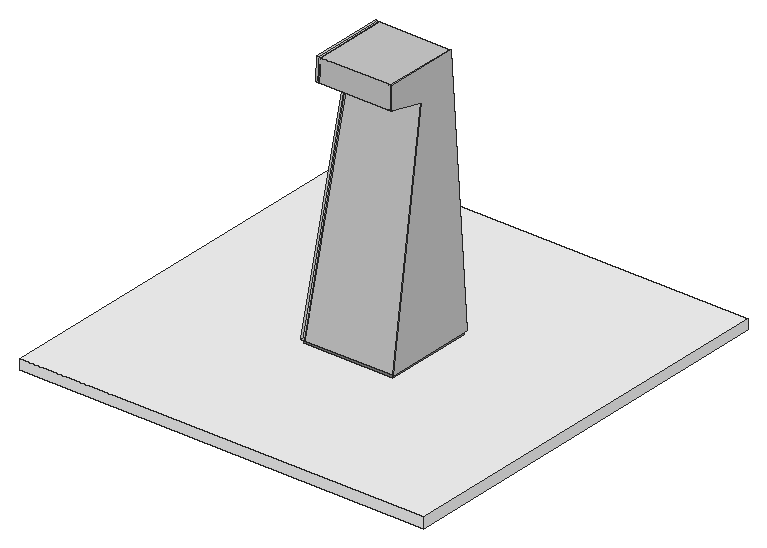
Revit family "BE_77277_de_DE", category Leuchten, Revit 2015
Parameters (values of type "BEGA_77277_Silber_K3")
  built-in parameter 1150104 = 9.8802 (stored number, unit not read)
  Wattage = 6.3 W
  Default Elevation = 0 mm
  built-in parameter 1150113 = 1 (stored number, unit not read)
  built-in parameter 1114218 = 1 (stored number, unit not read)
  Umgebungstemperatur = "25 °C"
  URL = "http://www.bega.de/produkt/77277"
  Typenkommentare = "© 2015 BEGA. Wir behalten uns das Recht vor, technische Änderungen ohne vorherige Ankündigung vorzunehmen."  # constant formula
  Type Image = 77277.png
  built-in parameter 1150134 = (empty or 0)
  built-in parameter 1150109 = 1 (stored number, unit not read)
  Strom = ""
  built-in parameter 1150110 = 1 (stored number, unit not read)
  Spannung = 0 V
  Sonderanfertigung = no
  Seriennummer [instance] = "Hier können Sie die eindeutige Seriennummer für das Facility Management eintragen."
  Schutzklasse = "I"
  Schutzart = "IP 65"
  Scheinlast = 0 VA
  Produktdatenblatt = "http://www.bega.de/download/datenblaetter/de/77277.pdf"
  Neigungswinkel = 0.00°
  Modell = "77277A"
  Material_19 = BEGA_Dummy_matt
  Material_15 = BEGA_Leuchtmedium_matt
  Material_10 = BEGA_Glas_matt
  Material_08 = BEGA_Oberfläche_Stahl_verzinkt
  Material_06 = BEGA_Oberfläche_Edelstahl_gebürstet
  Material_02 = BEGA_Oberfläche_Silber_matt
  Material_01 [instance] = BEGA_Oberfläche_Grafit_matt
  M_G = no
  M_A = yes
  Logo = 0
  built-in parameter 1114217 = 1 (stored number, unit not read)
  built-in parameter 1150139 = (empty or 0)
  built-in parameter 1150105 = 53.317 (stored number, unit not read)
  built-in parameter 1150114 = 1 (stored number, unit not read)
  Lumens = 670.005 lm
  built-in parameter 1150115 = 1 (stored number, unit not read)
  Leuchtenlichtstrom = "190 lm"
  Leuchtenanzahl = ""
  Lebensdauerkriterien = "L70 = 50.000 h"
  Lastklassifizierung = Beleuchtung
  built-in parameter 1150112 = 1 (stored number, unit not read)
  Lampenlichtstrom = "735 lm"
  Lampe = "LED 6.3 W"
  LED_Modulbezeichnung = "LED-0490/830 "
  built-in parameter 1150142 = (empty or 0)
  Hersteller = "BEGA"  # constant formula
  Halbstreuwinkel = ""
  Gewicht = "1.1 kg"
  Frequenz = "0/50-60 Hz"
  Farbwiedergabeindex = "Ra > 80"
  Farbtemperaturverschiebung bei Dämpfen der Lampe = <Keine Auswahl>
  Farbtemperatur = "3000 K"
  Color Filter = 16777215
  Erdstücklänge_E = ""
  built-in parameter 1150133 = 10 (stored number, unit not read)
  Energieeffizienzklasse = "LED A++ - A"
  built-in parameter 1150137 = (empty or 0)
  built-in parameter 1150132 = (empty or 0)
  Durchmesser_Fussplatte_D = ""
  Datei für fotometrisches Netz = "BE_77277.IES"
  CE_Konformität = "ja"
  Bestellnummer = "77277A"
  Beschreibung_Sonderanfertigung = "Hier können Sie Informationen zur Sonderanfertigung eintragen."
  Beschreibung = "Gartenleuchte"
  built-in parameter 1150106 = 0.53317 (stored number, unit not read)
  Befestigungsbohrung = "Ø 4,5 mm"
  Befestigungsabstand = ""
  BEGA_Intern_aus = yes
  BEGA_Intern_an = yes
  BEGA_Intern_Konstruktion = yes
  BEGA_Intern = yes
  BEGA_IES = yes
  BEGA_Dummy = no
  Anschlussleistung [instance] = "8.4 W"
  built-in parameter 1150107 = 3000 (stored number, unit not read)
  built-in parameter 1150102 = (empty or 0)
  built-in parameter 1150138 = (empty or 0)
  Aktualisierung = "2015-11-11T04:07:44"
  AC/DC = "AC/DC"
Types (3, lengths in mm): name | Modell | M_G | M_A | Bestellnummer
  (no name) | "77277A" | no | yes | "77277A"
  BEGA_77277_Grafit_K3 | "77277" | yes | no | "77277"
  BEGA_77277_Silber_K3 | "77277A" | no | yes | "77277A"
Reference planes
  plane 1 "Mitte (Vorne/Hinten)": y = 0
  plane 2: z = 0
  plane 3 "Mitte (Links/Rechts)": x = 0
  plane 4 "Links": x = -45.888
  plane 5 "Rechts": x = 45.866
  plane 6 "Unten": y = -44.999
  plane 7 "Oben": y = 45
  plane 8 "Vorne": z = 253.28
  plane 9 "Hinten": z = -377.75
Forms (mm)
  Extrusion 1, solid, material "BEGA_Platte_Weiss"
    sketch origin (0, -1119.2, 0) x (1, 0, 0) y (0, 1, 0)
      loop
        line (-200, 1319.2) -> (-200, 919.2) -> (200, 919.2) -> (200, 1319.2) -> (-200, 1319.2)
    from 0 to -10
  Extrusion 2, solid, material "BEGA_Dummy_matt", visible <- "BEGA_Dummy"
    sketch origin (80.095, -76.023, 0) x (1, 0, 0) y (0, 1, 0)
      loop
        line (-125.984, 121.023) -> (-125.984, 31.024) -> (-34.229, 31.024) -> (-34.229, 121.023) -> (-125.984, 121.023)
    from 0 to 253.28
Dimensions and locks
  aligned and locked: plane 2 to Extrusion 1
  aligned and locked: level to Extrusion 1
Nested families
  nested 1: "BE_77277_Garten- und Wegeleuchte" at (0, 0, 0), type "BE_77277_Garten- und Wegeleuchte"
Connectors
  electrical at (0, 0, 0), driven by "Lastklassifizierung", driven by "Spannung", driven by "Scheinlast"
    settings: index 1, voltage 0 V, apparent load 0 VA, apparent load phase1 0 VA, apparent load phase2 0 VA, apparent load phase3 0 VA, power factor 1, load classification "Beleuchtung", number of poles 1, system type 31, power factor state 1, is connector primary yes, connector utility no, sub classification motor no, connector description ""
Definition of nested family "BE_77277_Garten- und Wegeleuchte"
  Parameters (values of type "BE_77277_Garten- und Wegeleuchte")
    Default Elevation = 1 mm
    URL = "http://www.bega.de/de/produkt"
    Type Comments = "© 2015 BEGA. Wir behalten uns das Recht vor, technische Änderungen ohne vorherige Ankündigung vorzunehmen. "  # constant formula
    Type Image = Bega_Revit_Typenbild_78x78.png
    Material_19 = none
    Material_15 = none
    Material_10 = none
    Material_02 = none
    Material_01 = none
    M_G = yes
    M_A = yes
    Länge_Platte = 200 mm  # constant formula
    Höhe_Platte = -10 mm  # constant formula
    Manufacturer = "BEGA"  # constant formula
    Breite_Platte = 200 mm  # constant formula
    Aktualisierung = "Stand: 25.03.2015"  # constant formula
  Reference planes
    plane 1 "Mitte (Oben/Unten)": y = 0
    plane 2: z = 0
    plane 3 "Mitte (Links/Rechts)": x = 0
    plane 4: x = 45.866
    plane 5: x = -45.866
    plane 6: z = 253.25
    plane 7: y = 44.999
    plane 8: y = -44.999
  Forms (mm)
    Extrusion 1, solid, detail levels medium
      sketch origin (0, 0, 0) x (1, 0, 0) y (0, 1, 0)
        loop
          line (-100, 100) -> (-100, -100) -> (100, -100) -> (100, 100) -> (-100, 100)
      from 0 to -10 <- "Höhe_Platte"
    Sweep 2, solid, material <- "Material_01", detail levels medium+fine
      path origin (0, 0, 0) x (1, 0, 0) y (0, 1, 0)
        loop
          line (45, 45) -> (-45, 45) -> (-45, -45) -> (45, -45) -> (45, 45)
      profile origin (0, 45, 0) x (0, -1, 0) y (0, 0, 1)
        loop
          line (0.987, 0) -> (5.299, 0) -> (5.299, 3.25) -> (1.1, 3.25) -> (0.987, 0)
    Extrusion 3, solid, material <- "Material_01", detail levels medium+fine
      sketch origin (0, 0, 0) x (0, 1, 0) y (0, 0, 1)
        loop
          line (39.701, 3.25) -> (-39.701, 3.25) -> (-39.701, 0) -> (39.701, 0) -> (39.701, 3.25)
      from -39.701 to 39.701
    Revolve 4, void
      sketch origin (0, 0, 0) x (0, 1, 0) y (0, 0, 1)
        loop
          line (19.1, 0) -> (19.1, 3.25) -> (0, 3.25) -> (0, 0) -> (19.1, 0)
        axis (0, 3.25) -> (0, 0)
      angle from 0 to 360
    Extrusion 5, solid, material <- "Material_01", visible <- "M_G", detail levels medium+fine
      sketch origin (0, 0, 0) x (0, 1, 0) y (0, 0, 1)
        loop
          line (36.27, 253.25) -> (-36.27, 253.25) -> (-37.038, 231.25) -> (-35.579, 230.9) -> (-32.76, 235.159) -> (-30.666, 234.657) -> (-26.203, 250.75) -> (33.856, 250.75) -> (40.502, 60.397) -> (41.5, 3.25) -> (45, 3.25) -> (36.27, 253.25)
        loop
          line (-45, 3.25) -> (-42.449, 3.25) -> (1.598, 219.745) -> (1.987, 230.894) -> (-2.659, 230.075) -> (-3.075, 228.032) -> (-0.973, 227.528) -> (-1.945, 222.75) -> (-0.417, 222.38) -> (-45, 3.25)
      from -45 to 45
    Extrusion 6, void
      sketch origin (0, 0, 0) x (1, 0, 0) y (0, 0, 1)
        loop
          line (-45, 253.25) -> (-45, 3.25) -> (-36.27, 253.25) -> (-45, 253.25)
      from -55.263 to 54.978
    Extrusion 7, void
      sketch origin (0, 0, 0) x (-1, 0, 0) y (0, 0, -1)
        loop
          line (-45, -253.25) -> (-36.27, -253.25) -> (-45, -3.25) -> (-45, -253.25)
      from -55.263 to 54.978
    Extrusion 8, solid, material <- "Material_01", visible <- "M_G", detail levels medium+fine
      sketch origin (-37.365, 0, 221.899) x (-0.034899, 0, -0.999391) y (0, -1, 0)
        loop
          line (218.744, -44.999) -> (218.744, 44.992) -> (-0.478, 0.418) -> (-9.357, 37.038) -> (-31.37, 36.27) -> (-31.37, -36.27) -> (218.744, -44.999)
      from -2.551 to 0.868
    Extrusion 9, solid, material <- "Material_10", detail levels medium+fine
      sketch origin (0, 0, 0) x (0, 1, 0) y (0, 0, 1)
        loop
          line (-2.354, 223.232) -> (-1.42, 227.121) -> (-3.365, 227.588) -> (-3.132, 228.56) -> (-30.358, 235.097) -> (-30.591, 234.124) -> (-32.536, 234.591) -> (-33.47, 230.702) -> (-2.354, 223.232)
      from -33.848 to 33.848
    Extrusion 10, solid, material <- "Material_01", visible <- "M_G", detail levels medium+fine
      sketch origin (0, -35.784, 230.949) x (0, -0.972373, 0.233434) y (-1, 0, 0)
        loop
          line (-0.21, 37.05) -> (-36.39, 37.348) -> (-36.39, -37.347) -> (-0.21, -37.05) -> (-0.21, 37.05)
        loop
          line (-2.71, 35.252) -> (-33.89, 35.252) -> (-33.89, -35.199) -> (-2.71, -35.199) -> (-2.71, 35.252)
      from 0 to -0.961
    Extrusion 11, solid, material <- "Material_01", visible <- "M_G", detail levels medium+fine
      sketch origin (37.365, 0, 221.899) x (0.034899, 0, -0.999391) y (0, 1, 0)
        loop
          line (218.744, 44.999) -> (-31.37, 36.27) -> (-31.37, -36.27) -> (-9.357, -37.038) -> (-0.478, -0.418) -> (218.744, -44.992) -> (218.744, 44.999)
      from -2.551 to 0.868
    Extrusion 12, solid, material <- "Material_15", detail levels medium+fine
      sketch origin (0, 0, 0) x (0, 1, 0) y (0, 0, 1)
        loop
          line (12.464, 230.786) -> (-1.678, 244.928) -> (-2.95, 243.655) -> (11.192, 229.513) -> (12.464, 230.786)
      from -33.25 to 33.25
    Extrusion 13, solid, material <- "Material_02", visible <- "M_A", detail levels medium+fine
      sketch origin (0, 0, 0) x (0, 1, 0) y (0, 0, 1)
        loop
          line (36.27, 253.25) -> (-36.27, 253.25) -> (-37.038, 231.25) -> (-35.579, 230.9) -> (-32.76, 235.159) -> (-30.666, 234.657) -> (-26.203, 250.75) -> (33.856, 250.75) -> (40.502, 60.397) -> (41.5, 3.25) -> (45, 3.25) -> (36.27, 253.25)
        loop
          line (-45, 3.25) -> (-42.449, 3.25) -> (1.598, 219.745) -> (1.987, 230.894) -> (-2.659, 230.075) -> (-3.075, 228.032) -> (-0.973, 227.528) -> (-1.945, 222.75) -> (-0.417, 222.38) -> (-45, 3.25)
      from -45 to 45
    Extrusion 14, void
      sketch origin (0, 0, 0) x (1, 0, 0) y (0, 0, 1)
        loop
          line (-45, 253.25) -> (-45, 3.25) -> (-36.27, 253.25) -> (-45, 253.25)
      from -55.263 to 54.978
    Extrusion 15, void
      sketch origin (0, 0, 0) x (-1, 0, 0) y (0, 0, -1)
        loop
          line (-45, -253.25) -> (-36.27, -253.25) -> (-45, -3.25) -> (-45, -253.25)
      from -55.263 to 54.978
    Extrusion 16, solid, material <- "Material_02", visible <- "M_A", detail levels medium+fine
      sketch origin (-37.365, 0, 221.899) x (-0.034899, 0, -0.999391) y (0, -1, 0)
        loop
          line (218.744, -44.999) -> (218.744, 44.992) -> (-0.478, 0.418) -> (-9.357, 37.038) -> (-31.37, 36.27) -> (-31.37, -36.27) -> (218.744, -44.999)
      from -2.551 to 0.868
    Extrusion 17, solid, material <- "Material_01", visible <- "M_G", detail levels medium+fine
      sketch origin (0, -35.784, 230.949) x (0, -0.972373, 0.233434) y (-1, 0, 0)
        loop
          line (-0.21, 37.05) -> (-36.39, 37.348) -> (-36.39, -37.347) -> (-0.21, -37.05) -> (-0.21, 37.05)
        loop
          line (-2.71, 35.252) -> (-33.89, 35.252) -> (-33.89, -35.199) -> (-2.71, -35.199) -> (-2.71, 35.252)
      from 0 to -0.961
    Extrusion 18, solid, material <- "Material_02", visible <- "M_A", detail levels medium+fine
      sketch origin (37.365, 0, 221.899) x (0.034899, 0, -0.999391) y (0, 1, 0)
        loop
          line (218.744, 44.999) -> (-31.37, 36.27) -> (-31.37, -36.27) -> (-9.357, -37.038) -> (-0.478, -0.418) -> (218.744, -44.992) -> (218.744, 44.999)
      from -2.551 to 0.868
  Cuts and joins
    Revolve 4 cuts Sweep 2
    Revolve 4 cuts Extrusion 3
    joined: Sweep 2, Extrusion 3
    Extrusion 6, Extrusion 7, Extrusion 14, Extrusion 15 cuts Extrusion 5
    Extrusion 14, Extrusion 15 cuts Extrusion 10
    joined: Extrusion 5, Extrusion 10
    Extrusion 7 cuts Extrusion 8
    Extrusion 6 cuts Extrusion 11
    Extrusion 14, Extrusion 15 cuts Extrusion 13
  Dimensions and locks
    equal spacing: Extrusion 1 sketch curve, plane 3 "Mitte (Links/Rechts)", Extrusion 1 sketch curve
    equal spacing: Extrusion 1 sketch curve, plane 1 "Mitte (Oben/Unten)", Extrusion 1 sketch curve
    "Länge_Platte": Extrusion 1 sketch curve to Extrusion 1 sketch curve
    "Breite_Platte": Extrusion 1 sketch curve to Extrusion 1 sketch curve
    plane 1 "Mitte (Oben/Unten)" to Extrusion 1 = 100 mm  (x3)
    aligned and locked: Extrusion 1 to plane 2
    aligned and locked: level to Extrusion 1
    aligned and locked: Revolve 4 sketch curve to plane 1 "Mitte (Oben/Unten)"
  Automatic sketch dimensions
    Sweep 2 sketch curve to plane 3 "Mitte (Links/Rechts)" = 45 mm
    plane 3 "Mitte (Links/Rechts)" to Sweep 2 sketch curve = 45 mm
    plane 1 "Mitte (Oben/Unten)" to Sweep 2 sketch curve = 45 mm
    Sweep 2 sketch curve to plane 1 "Mitte (Oben/Unten)" = 45 mm
    Sweep 2 sketch curve to level = 0 mm
    Sweep 2 sketch curve to profile plane = 0.987 mm
    Sweep 2 sketch curve to profile plane = 1.1 mm
    Sweep 2 sketch curve to Sweep 2 sketch curve = 4.312 mm
    Sweep 2 sketch curve to Sweep 2 sketch curve = 3.25 mm
    Extrusion 3 sketch curve to level = 0 mm
    plane 1 "Mitte (Oben/Unten)" to Extrusion 3 sketch curve = 39.701 mm
    Extrusion 3 sketch curve to plane 1 "Mitte (Oben/Unten)" = 39.701 mm
    Extrusion 3 sketch curve to Extrusion 3 sketch curve = 3.25 mm
    Revolve 4 sketch curve to level = 0 mm
    Revolve 4 sketch curve to plane 1 "Mitte (Oben/Unten)" = 0 mm
    level to Revolve 4 sketch curve = 3.25 mm
    Revolve 4 sketch curve to Revolve 4 sketch curve = 19.1 mm
    level to Extrusion 6 sketch curve = 3.25 mm
    Extrusion 6 sketch curve to plane 3 "Mitte (Links/Rechts)" = 45 mm
    Extrusion 6 sketch curve to Extrusion 6 sketch curve = 8.73 mm
    Extrusion 7 sketch curve to level = 3.25 mm
    Extrusion 7 sketch curve to plane 3 "Mitte (Links/Rechts)" = 45 mm
    Extrusion 7 sketch curve to Extrusion 7 sketch curve = 8.73 mm
    Extrusion 8 sketch curve to Extrusion 6 = 0 mm
    Extrusion 8 sketch curve to Extrusion 6 = 22.013 mm
    Extrusion 8 sketch curve to Extrusion 6 = 30.892 mm
    Extrusion 8 sketch curve to Extrusion 6 = 0.038 mm
    Extrusion 6 to Extrusion 8 sketch curve = 10.264 mm
    Extrusion 6 to Extrusion 8 sketch curve = 18.993 mm
    Extrusion 8 sketch curve to Extrusion 8 sketch curve = 36.688 mm
    Extrusion 6 to Extrusion 8 sketch curve = 18.708 mm
    Extrusion 6 to Extrusion 8 sketch curve = 17.94 mm
    Extrusion 6 to Extrusion 8 sketch curve = 9.986 mm
    plane 1 "Mitte (Oben/Unten)" to Extrusion 9 sketch curve = 33.47 mm
    Extrusion 9 sketch curve to Extrusion 9 sketch curve = 0.934 mm
    Extrusion 9 sketch curve to Extrusion 9 sketch curve = 1.945 mm
    Extrusion 9 sketch curve to Extrusion 9 sketch curve = 0.233 mm  (x2)
    plane 1 "Mitte (Oben/Unten)" to Extrusion 9 sketch curve = 3.365 mm
    plane 1 "Mitte (Oben/Unten)" to Extrusion 9 sketch curve = 2.354 mm
    plane 1 "Mitte (Oben/Unten)" to Extrusion 9 sketch curve = 1.42 mm
    Extrusion 9 sketch curve to Extrusion 9 sketch curve = 3.889 mm
    Extrusion 9 sketch curve to Extrusion 9 sketch curve = 0.467 mm  (x2)
    Extrusion 9 sketch curve to Extrusion 9 sketch curve = 0.972 mm  (x2)
    Extrusion 9 sketch curve to Extrusion 9 sketch curve = 3.114 mm
    Extrusion 9 sketch curve to Extrusion 9 sketch curve = 3.423 mm
    Extrusion 5 to Extrusion 10 sketch curve = 0 mm
    Extrusion 5 to Extrusion 10 sketch curve = 2.5 mm
    Extrusion 5 to Extrusion 10 sketch curve = 9.748 mm
    Extrusion 10 sketch curve to Extrusion 10 sketch curve = 31.18 mm
    Extrusion 10 sketch curve to Extrusion 10 sketch curve = 2.5 mm
    Extrusion 5 to Extrusion 10 sketch curve = 9.801 mm
    Extrusion 10 sketch curve to Extrusion 10 sketch curve = 1.852 mm
    Extrusion 10 sketch curve to Extrusion 10 sketch curve = 2.149 mm
    Extrusion 10 sketch curve to Extrusion 10 sketch curve = 1.798 mm
    Extrusion 10 sketch curve to Extrusion 10 sketch curve = 2.096 mm
    Extrusion 11 sketch curve to plane 1 "Mitte (Oben/Unten)" = 36.27 mm
    plane 1 "Mitte (Oben/Unten)" to Extrusion 11 sketch curve = 37.038 mm
    Extrusion 11 sketch curve to Extrusion 11 sketch curve = 22.013 mm
    plane 1 "Mitte (Oben/Unten)" to Extrusion 11 sketch curve = 0.418 mm
    Extrusion 11 sketch curve to Extrusion 11 sketch curve = 8.878 mm
    plane 1 "Mitte (Oben/Unten)" to Extrusion 11 sketch curve = 44.992 mm
    Extrusion 11 sketch curve to Extrusion 11 sketch curve = 219.222 mm
    Extrusion 11 sketch curve to Extrusion 11 sketch curve = 0.768 mm
    Extrusion 11 sketch curve to plane 1 "Mitte (Oben/Unten)" = 44.999 mm
    level to Extrusion 5 sketch curve = 3.25 mm  (x2)
    plane 1 "Mitte (Oben/Unten)" to Extrusion 5 sketch curve = 45 mm
    Extrusion 5 sketch curve to Extrusion 5 sketch curve = 2.551 mm
    Extrusion 5 sketch curve to Extrusion 5 sketch curve = 0.768 mm
    Extrusion 5 sketch curve to Extrusion 5 sketch curve = 1.459 mm
    Extrusion 5 sketch curve to Extrusion 5 sketch curve = 2.819 mm
    Extrusion 5 sketch curve to Extrusion 5 sketch curve = 2.094 mm
    Extrusion 5 sketch curve to Extrusion 5 sketch curve = 10.067 mm
    plane 1 "Mitte (Oben/Unten)" to Extrusion 5 sketch curve = 3.075 mm
    Extrusion 5 sketch curve to Extrusion 5 sketch curve = 0.416 mm
    plane 1 "Mitte (Oben/Unten)" to Extrusion 5 sketch curve = 1.945 mm
    plane 1 "Mitte (Oben/Unten)" to Extrusion 5 sketch curve = 0.973 mm
    Extrusion 5 sketch curve to plane 1 "Mitte (Oben/Unten)" = 1.598 mm
    Extrusion 5 sketch curve to plane 1 "Mitte (Oben/Unten)" = 1.987 mm
    Extrusion 5 sketch curve to plane 1 "Mitte (Oben/Unten)" = 33.856 mm
    Extrusion 5 sketch curve to Extrusion 5 sketch curve = 2.414 mm
    Extrusion 5 sketch curve to plane 1 "Mitte (Oben/Unten)" = 40.502 mm
    Extrusion 5 sketch curve to plane 1 "Mitte (Oben/Unten)" = 41.5 mm
    Extrusion 5 sketch curve to Extrusion 5 sketch curve = 3.5 mm
    Extrusion 5 sketch curve to Extrusion 5 sketch curve = 57.147 mm
    Extrusion 5 sketch curve to Extrusion 5 sketch curve = 3.005 mm
    Extrusion 5 sketch curve to Extrusion 5 sketch curve = 4.778 mm
    Extrusion 5 sketch curve to Extrusion 5 sketch curve = 0.504 mm
    Extrusion 5 sketch curve to Extrusion 5 sketch curve = 2.043 mm
    Extrusion 5 sketch curve to Extrusion 5 sketch curve = 3.366 mm
    Extrusion 5 sketch curve to Extrusion 5 sketch curve = 0.35 mm
    Extrusion 5 sketch curve to Extrusion 5 sketch curve = 3.757 mm
    Extrusion 5 sketch curve to Extrusion 5 sketch curve = 0.503 mm
    Extrusion 5 sketch curve to Extrusion 5 sketch curve = 16.093 mm
    Extrusion 5 sketch curve to Extrusion 5 sketch curve = 2.5 mm
    Extrusion 5 sketch curve to Extrusion 5 sketch curve = 0.37 mm
    Extrusion 5 sketch curve to Extrusion 5 sketch curve = 33.964 mm
    plane 1 "Mitte (Oben/Unten)" to Extrusion 5 sketch curve = 0.417 mm
    Extrusion 12 sketch curve to plane 1 "Mitte (Oben/Unten)" = 11.192 mm
    Extrusion 12 sketch curve to Extrusion 12 sketch curve = 1.273 mm  (x4)
    plane 1 "Mitte (Oben/Unten)" to Extrusion 12 sketch curve = 1.678 mm
    Extrusion 12 sketch curve to Extrusion 12 sketch curve = 14.142 mm
    Revolve 4 sketch curve to Revolve 4 sketch curve = 2340.557 mm
    Extrusion 5 sketch curve to Extrusion 5 sketch curve = 159.348 mm
    Extrusion 5 sketch curve to Extrusion 5 sketch curve = 2.867 mm
    Extrusion 6 sketch curve to Extrusion 6 sketch curve = 250 mm
    Extrusion 7 sketch curve to Extrusion 7 sketch curve = 250 mm
    level to Extrusion 9 sketch curve = 223.232 mm
    Revolve 4 sketch curve to level = 609.6 mm
    Extrusion 12 sketch curve to plane 6 = 23.737 mm
    Extrusion 13 sketch curve to plane 6 = 0 mm
    plane 8 to Extrusion 13 sketch curve = 0.001 mm
    Extrusion 13 sketch curve to plane 8 = 2.55 mm
    Extrusion 13 sketch curve to plane 8 = 7.961 mm
    Extrusion 13 sketch curve to plane 8 = 8.729 mm
    Extrusion 13 sketch curve to Extrusion 13 sketch curve = 1.459 mm
    Extrusion 13 sketch curve to Extrusion 13 sketch curve = 2.819 mm
    Extrusion 13 sketch curve to Extrusion 13 sketch curve = 2.094 mm
    Extrusion 13 sketch curve to plane 6 = 2.5 mm
    Extrusion 13 sketch curve to Extrusion 13 sketch curve = 10.067 mm
    plane 1 "Mitte (Oben/Unten)" to Extrusion 13 sketch curve = 3.075 mm
    Extrusion 13 sketch curve to Extrusion 13 sketch curve = 0.416 mm
    plane 1 "Mitte (Oben/Unten)" to Extrusion 13 sketch curve = 1.945 mm
    plane 1 "Mitte (Oben/Unten)" to Extrusion 13 sketch curve = 0.973 mm
    plane 1 "Mitte (Oben/Unten)" to Extrusion 13 sketch curve = 0.417 mm
    Extrusion 13 sketch curve to plane 1 "Mitte (Oben/Unten)" = 1.598 mm
    Extrusion 13 sketch curve to plane 1 "Mitte (Oben/Unten)" = 1.987 mm
    Extrusion 13 sketch curve to plane 7 = 11.143 mm
    Extrusion 13 sketch curve to Extrusion 13 sketch curve = 2.414 mm
    Extrusion 13 sketch curve to plane 7 = 4.496 mm
    Extrusion 13 sketch curve to plane 7 = 3.499 mm
    plane 7 to Extrusion 13 sketch curve = 0.001 mm
    Extrusion 13 sketch curve to Extrusion 13 sketch curve = 15.591 mm
    Extrusion 13 sketch curve to Extrusion 13 sketch curve = 0.503 mm
    Extrusion 13 sketch curve to Extrusion 13 sketch curve = 3.909 mm
    Extrusion 13 sketch curve to Extrusion 13 sketch curve = 0.35 mm
    Extrusion 13 sketch curve to plane 6 = 22.356 mm
    Extrusion 13 sketch curve to Extrusion 13 sketch curve = 0.819 mm
    Extrusion 13 sketch curve to Extrusion 13 sketch curve = 2.043 mm
    Extrusion 13 sketch curve to Extrusion 13 sketch curve = 0.504 mm
    Extrusion 13 sketch curve to Extrusion 13 sketch curve = 4.778 mm
    Extrusion 13 sketch curve to Extrusion 13 sketch curve = 0.37 mm
    Extrusion 13 sketch curve to Extrusion 13 sketch curve = 2.635 mm
    level to Extrusion 13 sketch curve = 60.397 mm
    level to Extrusion 13 sketch curve = 3.25 mm  (x2)
    Extrusion 14 sketch curve to plane 6 = 0 mm
    plane 5 to Extrusion 14 sketch curve = 0.866 mm
    Extrusion 14 sketch curve to Extrusion 14 sketch curve = 8.73 mm
    level to Extrusion 14 sketch curve = 3.25 mm
    Extrusion 15 sketch curve to plane 6 = 0 mm
    Extrusion 15 sketch curve to plane 4 = 0.866 mm
    Extrusion 15 sketch curve to Extrusion 15 sketch curve = 8.73 mm
    Extrusion 15 sketch curve to level = 3.25 mm
    Extrusion 16 sketch curve to Extrusion 14 = 0 mm
    Extrusion 16 sketch curve to Extrusion 14 = 22.013 mm
    Extrusion 16 sketch curve to Extrusion 14 = 30.892 mm
    Extrusion 16 sketch curve to Extrusion 14 = 0.038 mm
    Extrusion 14 to Extrusion 16 sketch curve = 10.264 mm
    Extrusion 14 to Extrusion 16 sketch curve = 18.993 mm
    Extrusion 16 sketch curve to Extrusion 16 sketch curve = 36.688 mm
    Extrusion 14 to Extrusion 16 sketch curve = 18.708 mm
    Extrusion 14 to Extrusion 16 sketch curve = 17.94 mm
    Extrusion 14 to Extrusion 16 sketch curve = 9.986 mm
    Extrusion 13 to Extrusion 17 sketch curve = 0 mm
    Extrusion 13 to Extrusion 17 sketch curve = 2.5 mm
    Extrusion 13 to Extrusion 17 sketch curve = 9.748 mm
    Extrusion 17 sketch curve to Extrusion 17 sketch curve = 31.18 mm
    Extrusion 17 sketch curve to Extrusion 17 sketch curve = 2.5 mm
    Extrusion 13 to Extrusion 17 sketch curve = 9.801 mm
    Extrusion 17 sketch curve to Extrusion 17 sketch curve = 1.852 mm
    Extrusion 17 sketch curve to Extrusion 17 sketch curve = 2.149 mm
    Extrusion 17 sketch curve to Extrusion 17 sketch curve = 1.798 mm
    Extrusion 17 sketch curve to Extrusion 17 sketch curve = 2.096 mm
    Extrusion 18 sketch curve to plane 7 = 0 mm
    Extrusion 18 sketch curve to plane 7 = 8.729 mm
    Extrusion 18 sketch curve to plane 8 = 7.961 mm
    Extrusion 18 sketch curve to Extrusion 18 sketch curve = 22.013 mm
    plane 1 "Mitte (Oben/Unten)" to Extrusion 18 sketch curve = 0.418 mm
    Extrusion 18 sketch curve to Extrusion 18 sketch curve = 8.878 mm
    Extrusion 18 sketch curve to plane 8 = 0.007 mm
    Extrusion 18 sketch curve to Extrusion 18 sketch curve = 219.222 mm
    Extrusion 18 sketch curve to plane 8 = 8.729 mm
